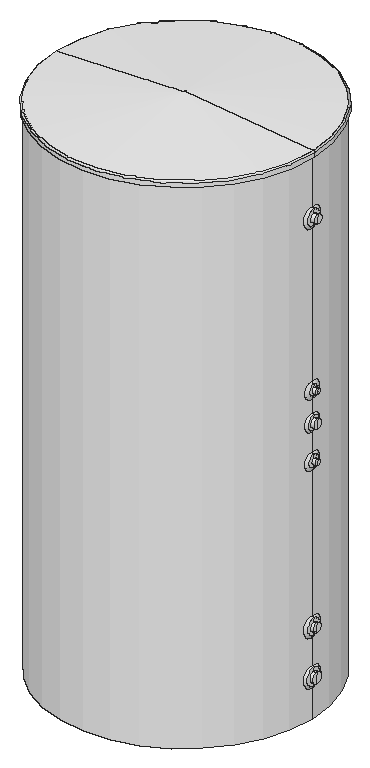
Revit family "WST-750-5C_SP", category Specialty Equipment, Revit 2016
Family settings
  Part Type = Normal
  Round Connector Dimension = Use Diameter
  Work Plane-Based = No
  Always vertical = Yes
  Cut with Voids When Loaded = No
  Shared = No
  Room Calculation Point = No
Parameters (values of type "WST 750-5C")
  Versión = "1.0"  # constant formula
  URL = "www.bosch-thermotechnology.com/es/es/comercial-e-industrial/ocs/stora-w-st--5-742030-p"
  Tª máxima agua caliente = "95 ºC"
  Tiempo calentamiento con petencia nominal = "42 min"
  Temperatura máxima intercambiador = "160 ºC"
  Superficie intercambiador = ""
  Radio sonda = 19 mm / 2  # 9.5 mm
  Radio salida agua caliente = (25.4 mm + 6.4 mm) / 2  # 15.9 mm
  Radio retorno acumulador = (25.4 mm + 6.4 mm) / 2  # 15.9 mm
  Radio puerta = A Radio_deposito + 10 mm  # 490 mm
  Radio entrada agua fría = (25.4 mm + 12.7 mm) / 2  # 19.05 mm
  Radio circulación = 19.1 mm / 2  # 9.55 mm
  Radio Impulsión acumulador = (25.4 mm + 6.4 mm) / 2  # 15.9 mm
  Pérdida presión intercambiador (agua) = "350 mbar"
  Presión nominal máxima = "7,8 bar"
  Presión máxima intercambiador = "16"
  Presión de servicio máxima del agua potable = "10 bar"
  Presión de prueba máxima del agua caliente = "10 bar"
  Potencia máxima de calentamiento = "103,6 kW"
  Potencia continua (80ºC imp./45ºC salida ACS/10ºC Suministro) = "103,6 kW"
  PlasticArea = Bosch_160-160-160
  Peso en vacío = "241 kg"
  Model = "WST 750-5C"
  Manufacturer = "BOSCH"  # constant formula
  J = 2450 mm
  I = 1698 mm
  H = 1114 mm
  G = 1004 mm
  F = 314 mm
  E = 144 mm
  Description = "Interacumulador de agua caliente sanitaria de 750 litros de capacidad, modelo WST 750-5C"
  D Altura tanque = 1920 mm
  Contenido intercambiador = ""
  Contenido = "750 l"
  Consumo térmico según DIN 4753 = ""
  Conexión recirculación = "R3/4\""
  Conexión agua fría = "R1 1/2\""
  Conexión agua caliente = "R1 1/4\""
  Clase de eficiencia energética de caldeo = "C"
  Caudal máximo entrada agua fría = "75 l/min"
  Caudal agua intercambiador = "5530 l/h"
  Autor = "6d ingenieros"  # constant formula
  Agua caliente útil Tª salida 45 ºC = "1071 l"
  Agua caliente útil Tª salida 40ºC = "1250 l"
  A Radio_deposito = 960 mm / 2  # 480 mm
  C Altura patas [instance] = 12 mm
Reference planes
  plane 1 "Center (Front/Back)": y = 0
  plane 2: z = 0
  plane 3 "Center (Left/Right)": x = 0
  plane 4: z = 12
  plane 5: z = 1710
  plane 6: z = 1126
  plane 7: z = 1016
  plane 8: z = 326
  plane 9: z = 156
  plane 10: z = 2450
Forms (mm)
  Extrusion 1, solid, material "Bosch_240-240-240"
    sketch origin (0, 0, 0) x (1, 0, 0) y (0, 1, 0)
      loop
        circle (0, 0) r 480
    from 12 to 1932
  Revolve 2, solid, material "Bosch_240-240-240"
    sketch origin (142.344, 0, 0) x (1, 0, 0) y (0, 0, 1)
      loop
        line (334.975, 176.016) -> (342.475, 176.016) -> (342.475, 187.55) -> (334.975, 196) -> (334.975, 176.016)
      loop
        line (334.975, 175.05) -> (334.975, 156) -> (355.478, 156) -> (355.478, 175.05) -> (334.975, 175.05)
      axis (334.975, 156) -> (355.478, 156)
    angle from 0 to 360
  Revolve 3, solid, material "Bosch_240-240-240"
    sketch origin (142.344, 0, 238) x (1, 0, 0) y (0, 0, 1)
      loop
        line (334.975, 104.866) -> (342.475, 104.866) -> (342.475, 116.4) -> (334.975, 128) -> (334.975, 104.866)
      loop
        line (334.975, 103.9) -> (334.975, 88) -> (355.478, 88) -> (355.478, 103.9) -> (334.975, 103.9)
      axis (334.975, 88) -> (355.478, 88)
    angle from 0 to 360
  Revolve 4, solid, material "Bosch_240-240-240"
    sketch origin (142.344, 0, 642) x (1, 0, 0) y (0, 0, 1)
      loop
        line (334.975, 390.866) -> (342.475, 390.866) -> (342.475, 399.044) -> (334.975, 408.835) -> (334.975, 390.866)
      loop
        line (334.975, 389.9) -> (334.975, 374) -> (357.62, 374) -> (357.62, 389.9) -> (334.975, 389.9)
      axis (334.975, 374) -> (357.62, 374)
    angle from 0 to 360
  Revolve 5, solid, material "Bosch_240-240-240"
    sketch origin (142.344, 0, 1275) x (1, 0, 0) y (0, 0, 1)
      loop
        line (334.975, 451.866) -> (342.475, 451.866) -> (342.475, 463.4) -> (334.975, 475) -> (334.975, 451.866)
      loop
        line (334.975, 450.9) -> (334.975, 435) -> (359.611, 435) -> (359.611, 450.9) -> (334.975, 450.9)
      axis (334.975, 435) -> (359.611, 435)
    angle from 0 to 360
  Revolve 6, solid, material "Bosch_240-240-240"
    sketch origin (0, 0, 467.5) x (1, 0, 0) y (0, 0, 1)
      loop
        line (2.045, 1446.681) -> (487.404, 1446.681) -> (487.404, 1461.218)
        arc (487.404, 1461.218) -> (486.324, 1464.853) -> (483.436, 1467.309) r 6.66
        arc (483.436, 1467.309) -> (243.441, 1493.563) -> (2.045, 1497.483) r 2604.74
        line (2.045, 1497.483) -> (2.045, 1446.681)
      axis (0, 1446.681) -> (0, 1497.483)
    angle from 0 to 360
  Extrusion 7, solid, material "Bosch_240-240-240"
    sketch origin (0, 0, 0) x (1, 0, 0) y (0, 1, 0)
      loop
        circle (-242.895, 0) r 57.2
      loop
        circle (119.968, 207.435) r 57.2
      loop
        circle (119.968, -207.435) r 57.2
    from 0 to 12
  Extrusion 8, solid, material "Bosch_160-160-160" <- "PlasticArea"
    sketch origin (-451.472, -1695.913, -1472.36) x (-0.00451, -0.000031, 0.99999) y (-0.006964, 0.999976, 0)
      loop
        circle (2915.573, 1756.393) r 16.5
      loop
        circle (2915.573, 1756.393) r 14.5
      loop
        arc (2925.722, 1762.795) -> (2915.573, 1768.393) -> (2905.424, 1762.795) r 12
        arc (2905.424, 1762.795) -> (2905.409, 1762.287) -> (2905.846, 1762.028) r 0.5
        line (2905.846, 1762.028) -> (2910.621, 1762.028) -> (2910.621, 1750.856) -> (2905.784, 1750.856)
        arc (2905.784, 1750.856) -> (2905.348, 1750.6) -> (2905.359, 1750.094) r 0.5
        arc (2905.359, 1750.094) -> (2915.573, 1744.393) -> (2925.787, 1750.094) r 12
        arc (2925.787, 1750.094) -> (2925.798, 1750.6) -> (2925.361, 1750.856) r 0.5
        line (2925.361, 1750.856) -> (2920.525, 1750.856) -> (2920.525, 1762.028) -> (2925.3, 1762.028)
        arc (2925.3, 1762.028) -> (2925.737, 1762.287) -> (2925.722, 1762.795) r 0.5
      loop
        line (2918.025, 1750.856) -> (2918.025, 1762.028) -> (2912.871, 1762.028) -> (2912.871, 1750.856) -> (2918.025, 1750.856)
      loop
        line (2909.206, 1764.114) -> (2921.958, 1764.114)
        arc (2921.958, 1764.114) -> (2915.582, 1766.408) -> (2909.206, 1764.114) r 10.01
      loop
        arc (2909.115, 1748.734) -> (2915.552, 1746.391) -> (2921.988, 1748.734) r 10.015
        line (2921.988, 1748.734) -> (2909.115, 1748.734)
      loop
        line (2904.189, 1723.669) -> (2904.189, 1711.064)
        arc (2904.189, 1711.064) -> (2908.987, 1705.609) -> (2915.01, 1709.671) r 5.5
        arc (2915.01, 1709.671) -> (2915.449, 1710.042) -> (2915.948, 1709.754) r 0.5
        arc (2915.948, 1709.754) -> (2922.122, 1706.692) -> (2926.439, 1712.064) r 5.5
        line (2926.439, 1712.064) -> (2926.439, 1723.669) -> (2904.189, 1723.669)
      loop
        line (2904.189, 1626.169) -> (2926.439, 1626.169) -> (2926.439, 1631.064) -> (2917.692, 1631.064) -> (2917.692, 1638.064) -> (2926.439, 1638.064) -> (2926.439, 1643.564) -> (2904.189, 1643.564) -> (2904.189, 1638.064) -> (2913.692, 1638.064) -> (2913.692, 1631.064) -> (2904.189, 1631.064) -> (2904.189, 1626.169)
      loop
        line (2921.692, 1718.564) -> (2917.692, 1718.564) -> (2917.692, 1714.064)
        arc (2917.692, 1714.064) -> (2919.692, 1712.064) -> (2921.692, 1714.064) r 2
        line (2921.692, 1714.064) -> (2921.692, 1718.564)
      loop
        line (2913.692, 1718.564) -> (2908.689, 1718.564) -> (2908.689, 1714.064)
        arc (2908.689, 1714.064) -> (2911.191, 1711.562) -> (2913.692, 1714.064) r 2.501
        line (2913.692, 1714.064) -> (2913.692, 1718.564)
      loop
        line (2918.904, 1650.377) -> (2921.767, 1645.947)
        spline (2921.767, 1645.947) -> (2924.895, 1649.011) -> (2926.367, 1652.953) -> (2925.927, 1657.092) -> (2923.653, 1660.713) -> (2919.937, 1663.189) -> (2915.422, 1664.093) -> (2910.888, 1663.267) -> (2907.119, 1660.856) -> (2904.768, 1657.276) -> (2904.239, 1653.145) -> (2905.626, 1649.178) -> (2908.687, 1646.061)
        line (2908.687, 1646.061) -> (2911.812, 1650.332)
        spline (2911.812, 1650.332) -> (2909.924, 1651.808) -> (2908.998, 1653.751) -> (2909.196, 1655.815) -> (2910.485, 1657.632) -> (2912.635, 1658.879) -> (2915.262, 1659.332) -> (2917.898, 1658.912) -> (2920.074, 1657.693) -> (2921.402, 1655.893) -> (2921.645, 1653.831) -> (2920.759, 1651.877) -> (2918.904, 1650.377)
      loop
        spline (2904.189, 1694.564) -> (2904.568, 1691.975) -> (2905.68, 1689.564) -> (2907.448, 1687.493) -> (2909.752, 1685.903) -> (2912.435, 1684.904) -> (2915.314, 1684.564) -> (2918.194, 1684.904) -> (2920.877, 1685.903) -> (2923.181, 1687.493) -> (2924.949, 1689.564) -> (2926.06, 1691.975) -> (2926.439, 1694.564)
        spline (2926.439, 1694.564) -> (2926.06, 1697.152) -> (2924.949, 1699.564) -> (2923.181, 1701.635) -> (2920.877, 1703.224) -> (2918.194, 1704.223) -> (2915.314, 1704.564) -> (2912.435, 1704.223) -> (2909.752, 1703.224) -> (2907.448, 1701.635) -> (2905.68, 1699.564) -> (2904.568, 1697.152) -> (2904.189, 1694.564)
      loop
        spline (2908.936, 1694.564) -> (2909.154, 1693.338) -> (2909.791, 1692.196) -> (2910.804, 1691.216) -> (2912.125, 1690.463) -> (2913.663, 1689.99) -> (2915.314, 1689.829) -> (2916.965, 1689.99) -> (2918.503, 1690.463) -> (2919.824, 1691.216) -> (2920.838, 1692.196) -> (2921.475, 1693.338) -> (2921.692, 1694.564)
        spline (2921.692, 1694.564) -> (2921.475, 1695.789) -> (2920.838, 1696.931) -> (2919.824, 1697.912) -> (2918.503, 1698.664) -> (2916.965, 1699.137) -> (2915.314, 1699.298) -> (2913.663, 1699.137) -> (2912.125, 1698.664) -> (2910.804, 1697.912) -> (2909.791, 1696.931) -> (2909.154, 1695.789) -> (2908.936, 1694.564)
      loop
        line (2920.044, 1669.973) -> (2923.326, 1666.69)
        spline (2923.326, 1666.69) -> (2923.803, 1667.235) -> (2924.244, 1667.811) -> (2924.65, 1668.414) -> (2925.017, 1669.043) -> (2925.345, 1669.695) -> (2925.632, 1670.367) -> (2925.876, 1671.057) -> (2926.078, 1671.762) -> (2926.235, 1672.478) -> (2926.349, 1673.203) -> (2926.417, 1673.935) -> (2926.439, 1674.669)
        spline (2926.439, 1674.669) -> (2925.183, 1678.841) -> (2923.495, 1680.911) -> (2921.713, 1681.899) -> (2919.832, 1682.202) -> (2918.073, 1681.899) -> (2916.453, 1680.963) -> (2915.059, 1679.233) -> (2914, 1676.685) -> (2913.231, 1674.13) -> (2912.5, 1672.296) -> (2911.212, 1671.268) -> (2908.973, 1672.704)
        spline (2908.973, 1672.704) -> (2908.813, 1673.366) -> (2908.718, 1674.04) -> (2908.689, 1674.719) -> (2908.728, 1675.399) -> (2908.832, 1676.071) -> (2909.002, 1676.73) -> (2909.236, 1677.37) -> (2909.531, 1677.984) -> (2909.885, 1678.567) -> (2910.294, 1679.113) -> (2910.755, 1679.618) -> (2911.262, 1680.075)
        line (2911.262, 1680.075) -> (2908.245, 1683.549)
        spline (2908.245, 1683.549) -> (2907.482, 1682.836) -> (2906.785, 1682.053) -> (2906.162, 1681.207) -> (2905.617, 1680.305) -> (2905.155, 1679.355) -> (2904.78, 1678.365) -> (2904.494, 1677.344) -> (2904.302, 1676.299) -> (2904.203, 1675.241) -> (2904.199, 1674.177) -> (2904.291, 1673.118) -> (2904.477, 1672.072)
        spline (2904.477, 1672.072) -> (2905.432, 1669.79) -> (2906.707, 1668.257) -> (2908.098, 1667.308) -> (2909.46, 1666.796) -> (2910.751, 1666.606) -> (2911.941, 1666.628) -> (2913.007, 1666.803) -> (2913.938, 1667.111) -> (2914.797, 1667.63) -> (2915.742, 1668.573) -> (2916.789, 1670.327) -> (2917.692, 1673.565)
        spline (2917.692, 1673.565) -> (2917.908, 1674.592) -> (2918.247, 1675.4) -> (2918.664, 1676.008) -> (2919.114, 1676.44) -> (2919.553, 1676.717) -> (2919.961, 1676.86) -> (2920.347, 1676.892) -> (2920.718, 1676.834) -> (2921.082, 1676.704) -> (2921.409, 1676.419) -> (2921.635, 1675.802) -> (2921.692, 1674.669)
        spline (2921.692, 1674.669) -> (2921.68, 1674.24) -> (2921.644, 1673.813) -> (2921.585, 1673.389) -> (2921.502, 1672.97) -> (2921.395, 1672.558) -> (2921.266, 1672.153) -> (2921.114, 1671.757) -> (2920.941, 1671.373) -> (2920.746, 1671.001) -> (2920.531, 1670.643) -> (2920.297, 1670.299) -> (2920.044, 1669.973)
    from -5.549 to 3.943
  Revolve 9, solid, material "Bosch_240-240-240"
    sketch origin (142.344, 0, 512) x (1, 0, 0) y (0, 0, 1)
      loop
        line (334.975, 384.466) -> (342.475, 384.466) -> (342.475, 396) -> (334.975, 408.99) -> (334.975, 384.466)
      loop
        line (334.975, 383.5) -> (334.975, 374) -> (357.378, 374) -> (357.378, 383.5) -> (334.975, 383.5)
      axis (334.975, 374) -> (357.378, 374)
    angle from 0 to 360
  Extrusion 10, solid, material "Bosch_240-240-240"
    sketch origin (0, 0, 0) x (0, 1, 0) y (0, 0, 1)
      loop
        circle (13.106, 498.373) r 145.205
    from -495.493 to -425.496
  Revolve 11, solid, material "Bosch_240-240-240"
    sketch origin (142.344, 0, 842) x (1, 0, 0) y (0, 0, 1)
      loop
        line (334.975, 294.516) -> (342.475, 294.516) -> (342.475, 302.694) -> (334.975, 318.835) -> (334.975, 294.516)
      loop
        line (334.975, 293.55) -> (334.975, 284) -> (357.62, 284) -> (357.62, 293.55) -> (334.975, 293.55)
      axis (334.975, 284) -> (357.62, 284)
    angle from 0 to 360
Dimensions and locks
  "C Altura patas": plane 4 to level
  "D Altura tanque": Extrusion 1 to plane 4
  "J": plane 10 to plane 2
  "E": plane 9 to plane 4
  "F": plane 8 to plane 4
  "G": plane 7 to plane 4
  "H": plane 6 to plane 4
  "I": plane 5 to plane 4
  locked: plane 7 to Revolve 9 sketch curve at 130
  "Radio salida agua caliente": Revolve 5 sketch curve to plane 5
  locked: Revolve 5 sketch curve to Revolve 5 sketch curve at 0.966
  "Radio Impulsión acumulador": Revolve 4 sketch curve to plane 7
  locked: Revolve 4 sketch curve to Revolve 4 sketch curve at 0.966
  "Radio entrada agua fría": Revolve 2 sketch curve to plane 9
  locked: Revolve 2 sketch curve to Revolve 2 sketch curve at 0.966
  locked: Revolve 9 sketch curve to Revolve 9 sketch curve at 0.966
  "Radio sonda": Revolve 9 sketch curve to Revolve 9 sketch curve
  "Radio retorno acumulador": Revolve 3 sketch curve to plane 8
  locked: Revolve 3 sketch curve to Revolve 3 sketch curve at 0.966
  locked: Revolve 11 sketch curve to Revolve 11 sketch curve at 0.966
  "Radio circulación": Revolve 11 sketch curve to plane 6
  locked: Revolve 11 sketch curve to plane 6 at 34.835
  "A Radio_deposito": radius of Extrusion 1 sketch curve
  aligned and locked: level to plane 2
  aligned and locked: Extrusion 1 to plane 4
  aligned and locked: Revolve 2 sketch curve to plane 9
  aligned and locked: Revolve 3 sketch curve to plane 8
  aligned and locked: Revolve 4 sketch curve to plane 7
  aligned and locked: Revolve 5 sketch curve to plane 5
  aligned and locked: Extrusion 7 to Extrusion 1
  aligned and locked: Extrusion 7 to level
  aligned and locked: Revolve 9 sketch curve to Revolve 9 sketch curve
Automatic sketch dimensions
  Extrusion 8 sketch curve to Extrusion 8 sketch curve = 0 mm  (x27)
  Extrusion 8 sketch curve to Extrusion 8 sketch curve = 0.287 mm  (x2)
  Extrusion 8 sketch curve to Extrusion 8 sketch curve = 1.595 mm
  Extrusion 8 sketch curve to Extrusion 8 sketch curve = 0.062 mm
  Extrusion 8 sketch curve to Extrusion 8 sketch curve = 3.768 mm
  Extrusion 8 sketch curve to Extrusion 8 sketch curve = 4.498 mm
  Extrusion 8 sketch curve to Extrusion 8 sketch curve = 4.5 mm  (x2)
  Extrusion 8 sketch curve to Extrusion 8 sketch curve = 4.497 mm
  Extrusion 8 sketch curve to Extrusion 8 sketch curve = 3.331 mm
  Extrusion 8 sketch curve to Extrusion 8 sketch curve = 3.359 mm
  Extrusion 8 sketch curve to Extrusion 8 sketch curve = 1 mm
  Extrusion 8 sketch curve to Extrusion 8 sketch curve = 1.506 mm
  Extrusion 8 sketch curve to Extrusion 8 sketch curve = 2.501 mm
  Extrusion 8 sketch curve to Extrusion 8 sketch curve = 3.018 mm
  Extrusion 8 sketch curve to Extrusion 8 sketch curve = 3.124 mm
  Extrusion 8 sketch curve to Extrusion 8 sketch curve = 2.25 mm
  Extrusion 8 sketch curve to Extrusion 8 sketch curve = 5.005 mm
  Extrusion 8 sketch curve to Extrusion 8 sketch curve = 1.801 mm
  Extrusion 8 sketch curve to Extrusion 8 sketch curve = 2.681 mm
  Extrusion 8 sketch curve to Extrusion 8 sketch curve = 0.021 mm
  Extrusion 8 sketch curve to Extrusion 8 sketch curve = 0.009 mm
  Extrusion 8 sketch curve to Extrusion 8 sketch curve = 8.719 mm
  Extrusion 8 sketch curve to Extrusion 8 sketch curve = 4 mm  (x3)
  Extrusion 8 sketch curve to Extrusion 8 sketch curve = 3.963 mm
  Extrusion 8 sketch curve to Extrusion 8 sketch curve = 7.092 mm
  Extrusion 8 sketch curve to Extrusion 8 sketch curve = 2 mm  (x2)
  Extrusion 8 sketch curve to Extrusion 8 sketch curve = 2.351 mm
  Extrusion 8 sketch curve to Extrusion 8 sketch curve = 2.5 mm
  Extrusion 8 sketch curve to Extrusion 8 sketch curve = 0.753 mm
  Extrusion 8 sketch curve to Extrusion 8 sketch curve = 2.863 mm
  Extrusion 8 sketch curve to Extrusion 8 sketch curve = 3.282 mm  (x2)
  Extrusion 8 sketch curve to Extrusion 8 sketch curve = 3.341 mm
  Extrusion 8 sketch curve to Extrusion 8 sketch curve = 3.374 mm
  Extrusion 8 sketch curve to Extrusion 8 sketch curve = 8.747 mm
  Extrusion 8 sketch curve to Extrusion 8 sketch curve = 4.747 mm  (x4)
  Extrusion 8 sketch curve to Extrusion 8 sketch curve = 4.672 mm
  Extrusion 8 sketch curve to Extrusion 8 sketch curve = 4.895 mm
  Extrusion 8 sketch curve to Extrusion 8 sketch curve = 7 mm
  Extrusion 8 sketch curve to Extrusion 8 sketch curve = 5.5 mm
  Extrusion 8 sketch curve to Extrusion 8 sketch curve = 2.384 mm
  Extrusion 8 sketch curve to Extrusion 8 sketch curve = 2.497 mm
  Extrusion 8 sketch curve to Extrusion 8 sketch curve = 4.271 mm
  Extrusion 8 sketch curve to Extrusion 8 sketch curve = 4.43 mm
  Extrusion 8 sketch curve to Extrusion 8 sketch curve = 16.313 mm
  Extrusion 8 sketch curve to Extrusion 8 sketch curve = 2.1 mm
  Extrusion 8 sketch curve to Extrusion 8 sketch curve = 0.632 mm
  Extrusion 8 sketch curve to Extrusion 8 sketch curve = 3.592 mm
  Extrusion 8 sketch curve to Extrusion 8 sketch curve = 4.696 mm
  Extrusion 8 sketch curve to Extrusion 8 sketch curve = 1.104 mm
  Extrusion 8 sketch curve to Extrusion 8 sketch curve = 5.406 mm
  Extrusion 8 sketch curve to Extrusion 8 sketch curve = 3.474 mm
  Extrusion 8 sketch curve to Extrusion 8 sketch curve = 25.996 mm
  Extrusion 8 sketch curve to Extrusion 8 sketch curve = 1.519 mm
  Extrusion 8 sketch curve to Extrusion 8 sketch curve = 2.519 mm
  Extrusion 8 sketch curve to Extrusion 8 sketch curve = 3 mm
  Extrusion 8 sketch curve to Extrusion 8 sketch curve = 5.105 mm
  Extrusion 8 sketch curve to Extrusion 8 sketch curve = 25.065 mm
  Extrusion 8 sketch curve to Extrusion 8 sketch curve = 1.623 mm  (x2)
  Extrusion 8 sketch curve to Extrusion 8 sketch curve = 2.123 mm  (x2)
  Extrusion 8 sketch curve to Extrusion 8 sketch curve = 5.536 mm
  Extrusion 8 sketch curve to Extrusion 8 sketch curve = 0.005 mm
  Extrusion 8 sketch curve to Extrusion 8 sketch curve = 0.013 mm
  Extrusion 8 sketch curve to Extrusion 8 sketch curve = 5.63 mm
  Extrusion 8 sketch curve to Extrusion 8 sketch curve = 5.622 mm
  Extrusion 8 sketch curve to Extrusion 8 sketch curve = 0.5 mm  (x2)
  Extrusion 8 sketch curve to Extrusion 8 sketch curve = 2.086 mm
  Extrusion 8 sketch curve to Extrusion 8 sketch curve = 4.056 mm
  Extrusion 8 sketch curve to Extrusion 8 sketch curve = 7.622 mm
  Extrusion 8 sketch curve to Extrusion 8 sketch curve = 0.284 mm
  Extrusion 8 sketch curve to Extrusion 8 sketch curve = 0.247 mm
  Extrusion 8 sketch curve to Extrusion 8 sketch curve = 6.378 mm
  Extrusion 8 sketch curve to Extrusion 8 sketch curve = 3.503 mm
  Extrusion 8 sketch curve to Extrusion 8 sketch curve = 0.433 mm
  Extrusion 8 sketch curve to Extrusion 8 sketch curve = 11.015 mm
  Extrusion 10 sketch curve to plane 1 "Center (Front/Back)" = 13.106 mm
  plane 8 to Extrusion 10 sketch curve = 172.373 mm
  plane 1 "Center (Front/Back)" to Extrusion 7 sketch curve = 0 mm
  Extrusion 7 sketch curve to plane 3 "Center (Left/Right)" = 242.895 mm
  plane 3 "Center (Left/Right)" to Extrusion 7 sketch curve = 119.968 mm  (x2)
  plane 1 "Center (Front/Back)" to Extrusion 7 sketch curve = 207.435 mm
  Extrusion 7 sketch curve to plane 1 "Center (Front/Back)" = 207.435 mm
  Revolve 6 sketch curve to plane 3 "Center (Left/Right)" = 0 mm
  plane 3 "Center (Left/Right)" to Revolve 6 sketch curve = 2.045 mm
  plane 3 "Center (Left/Right)" to Revolve 6 sketch curve = 80.493 mm
  plane 5 to Revolve 6 sketch curve = 218.718 mm
  Revolve 6 sketch curve to Revolve 6 sketch curve = 478.699 mm
  Revolve 6 sketch curve to Revolve 6 sketch curve = 6.66 mm
  Revolve 6 sketch curve to Revolve 6 sketch curve = 14.537 mm
  Revolve 6 sketch curve to Revolve 6 sketch curve = 50.802 mm
  Revolve 6 sketch curve to Revolve 6 sketch curve = 2.692 mm
  Revolve 6 sketch curve to Revolve 6 sketch curve = 60 mm
  Revolve 6 sketch curve to Revolve 6 sketch curve = 109.198 mm
  plane 1 "Center (Front/Back)" to Extrusion 1 sketch curve = 0 mm
  Extrusion 1 sketch curve to plane 3 "Center (Left/Right)" = 0 mm
  Revolve 2 sketch curve to plane 9 = 0 mm
  plane 9 to Revolve 2 sketch curve = 40 mm
  plane 3 "Center (Left/Right)" to Revolve 2 sketch curve = 477.319 mm
  Revolve 2 sketch curve to Revolve 2 sketch curve = 0 mm
  Revolve 2 sketch curve to Revolve 2 sketch curve = 7.5 mm
  Revolve 2 sketch curve to Revolve 2 sketch curve = 13.002 mm
  Revolve 2 sketch curve to Revolve 2 sketch curve = 8.45 mm
  Revolve 2 sketch curve to Revolve 2 sketch curve = 5 mm
  Revolve 2 sketch curve to Revolve 2 sketch curve = 24.498 mm
  Revolve 3 sketch curve to plane 8 = 0 mm
  plane 8 to Revolve 3 sketch curve = 40 mm
  plane 3 "Center (Left/Right)" to Revolve 3 sketch curve = 477.319 mm
  Revolve 3 sketch curve to Revolve 3 sketch curve = 0 mm
  Revolve 3 sketch curve to Revolve 3 sketch curve = 7.5 mm
  Revolve 3 sketch curve to Revolve 3 sketch curve = 13.002 mm
  Revolve 3 sketch curve to Revolve 3 sketch curve = 11.534 mm
  Revolve 3 sketch curve to Revolve 3 sketch curve = 5 mm
  Revolve 3 sketch curve to Revolve 3 sketch curve = 24.498 mm
  Revolve 4 sketch curve to plane 7 = 0 mm
  plane 7 to Revolve 4 sketch curve = 34.835 mm
  plane 3 "Center (Left/Right)" to Revolve 4 sketch curve = 477.319 mm
  Revolve 4 sketch curve to Revolve 4 sketch curve = 0 mm
  Revolve 4 sketch curve to Revolve 4 sketch curve = 7.5 mm
  Revolve 4 sketch curve to Revolve 4 sketch curve = 15.144 mm
  Revolve 4 sketch curve to Revolve 4 sketch curve = 8.178 mm
  Revolve 4 sketch curve to Revolve 4 sketch curve = 5 mm
  Revolve 4 sketch curve to Revolve 4 sketch curve = 22.356 mm
  Revolve 5 sketch curve to plane 5 = 0 mm
  plane 5 to Revolve 5 sketch curve = 40 mm
  plane 3 "Center (Left/Right)" to Revolve 5 sketch curve = 477.319 mm
  Revolve 5 sketch curve to Revolve 5 sketch curve = 0 mm
  Revolve 5 sketch curve to Revolve 5 sketch curve = 7.5 mm
  Revolve 5 sketch curve to Revolve 5 sketch curve = 17.136 mm
  Revolve 5 sketch curve to Revolve 5 sketch curve = 11.534 mm
  Revolve 5 sketch curve to Revolve 5 sketch curve = 5 mm
  Revolve 5 sketch curve to Revolve 5 sketch curve = 20.364 mm
  Revolve 9 sketch curve to plane 7 = 95.01 mm
  plane 3 "Center (Left/Right)" to Revolve 9 sketch curve = 477.319 mm
  Revolve 9 sketch curve to Revolve 9 sketch curve = 0 mm
  Revolve 9 sketch curve to Revolve 9 sketch curve = 7.5 mm
  Revolve 9 sketch curve to Revolve 9 sketch curve = 14.903 mm
  Revolve 9 sketch curve to Revolve 9 sketch curve = 11.534 mm
  Revolve 9 sketch curve to Revolve 9 sketch curve = 5 mm
  Revolve 9 sketch curve to Revolve 9 sketch curve = 22.597 mm
  Revolve 11 sketch curve to plane 6 = 0 mm  (x2)
  plane 3 "Center (Left/Right)" to Revolve 11 sketch curve = 477.319 mm
  Revolve 11 sketch curve to Revolve 11 sketch curve = 0 mm
  Revolve 11 sketch curve to Revolve 11 sketch curve = 7.5 mm
  Revolve 11 sketch curve to Revolve 11 sketch curve = 15.144 mm
  Revolve 11 sketch curve to Revolve 11 sketch curve = 8.178 mm
  Revolve 11 sketch curve to Revolve 11 sketch curve = 5 mm
  Revolve 11 sketch curve to Revolve 11 sketch curve = 22.356 mm
  radius of Extrusion 8 sketch curve = 16.5 mm
  radius of Extrusion 8 sketch curve = 14.5 mm
  radius of Extrusion 10 sketch curve = 145.205 mm
  radius of Extrusion 7 sketch curve = 57.2 mm  (x3)
Connectors
  piping at (501.955, 0, 1710), diameter 31.8
    settings: on Revolve 5, index 1, connector inside diameter 609.6 mm, connector length 0 mm, flow factor 0, pipe flow 0.0 L/s, pressure drop 0.0 Pa, fitting loss kfactor 0, connector angle 0.00°, fixture units 0, engagement length 0 mm, angle of deflection 0.00°, flow configuration 0, flow direction 2, fitting loss method 0, system type 19, joint type 0, gender type 0, connector reference index -1, connector utility 0, adjustable connector no, is connector primary yes, connector description "Salida agua caliente"
  piping at (499.963, 0, 1016), diameter 31.8
    settings: on Revolve 4, index 3, connector inside diameter 609.6 mm, connector length 0 mm, flow factor 0, pipe flow 0.0 L/s, pressure drop 0.0 Pa, fitting loss kfactor 0, connector angle 0.00°, fixture units 0, engagement length 0 mm, angle of deflection 0.00°, flow configuration 0, flow direction 1, fitting loss method 0, system type 7, joint type 0, gender type 0, connector reference index -1, connector utility 0, adjustable connector no, is connector primary no, connector description "Impulsión intercambiador"
  piping at (497.821, 0, 326), diameter 31.8
    settings: on Revolve 3, index 5, connector inside diameter 609.6 mm, connector length 0 mm, flow factor 0, pipe flow 0.0 L/s, pressure drop 0.0 Pa, fitting loss kfactor 0, connector angle 0.00°, fixture units 0, engagement length 0 mm, angle of deflection 0.00°, flow configuration 0, flow direction 2, fitting loss method 0, system type 8, joint type 0, gender type 0, connector reference index -1, connector utility 0, adjustable connector no, is connector primary no, connector description "Retorno intercambiador"
  piping at (497.821, 0, 156), diameter 38.2
    settings: on Revolve 2, index 6, connector inside diameter 609.6 mm, connector length 0 mm, flow factor 0, pipe flow 0.0 L/s, pressure drop 0.0 Pa, fitting loss kfactor 0, connector angle 0.00°, fixture units 0, engagement length 0 mm, angle of deflection 0.00°, flow configuration 0, flow direction 1, fitting loss method 0, system type 20, joint type 0, gender type 0, connector reference index -1, connector utility 0, adjustable connector no, is connector primary no, connector description "Entrada agua fría"
  piping at (499.963, 0, 1126), diameter 19.1
    settings: on Revolve 11, index 7, connector inside diameter 609.6 mm, connector length 0 mm, flow factor 0, pipe flow 0.0 L/s, pressure drop 0.0 Pa, fitting loss kfactor 0, connector angle 0.00°, fixture units 0, engagement length 0 mm, angle of deflection 0.00°, flow configuration 0, flow direction 1, fitting loss method 0, system type 22, joint type 0, gender type 0, connector reference index -1, connector utility 0, adjustable connector no, is connector primary no, connector description "Recirculación ACS"
